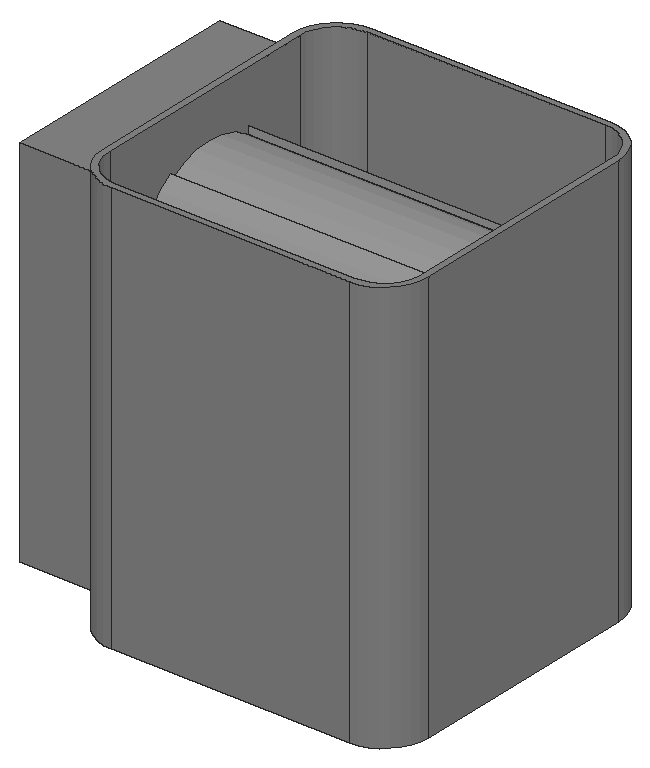
Revit family "VARIO", category Осветительные приборы, Revit 2017
Family settings
  Размер круглого соединителя = Использовать диаметр
  Тип детали = Нормальный
  На основе рабочей плоскости = Нет
  Всегда вертикально = Да
  При загрузке вырезать с полостями = Нет
  Источник света = Да
  Общий = Нет
  Точка расчета площади = Нет
Parameters (values of type "029794 Светильник LGD-WALL-VARIO-S104x129-2x6W Day4000")
  built-in parameter 1150104 = 13.8 (stored number, unit not read)
  built-in parameter 1150134 = 12
  Файл фотометрической сетки = "029794_LGD-WALL-VARIO-S104x129-2x6W Day4000 (GR, 1-80 deg).ies"
  Tilt Angle = 90.00°
  built-in parameter 1150137 = (empty or 0)
  built-in parameter 1150132 = 2
  built-in parameter 1150114 = 1 (stored number, unit not read)
  Dimming Lamp Color Temperature Shift = (empty or 0)
  built-in parameter 1150105 = 59.683 (stored number, unit not read)
  Color Filter = 16777215
  Lumens = 750 lm
  Разработчик (телефон) = "+7 (495) 781-05-35"  # constant formula
  Разработчик (e-mail) = "info@constructor.ru"  # constant formula
  Разработчик (URL) = "https://constructor.ru/"  # constant formula
  Разработчик = "НТЦ Конструктор"  # constant formula
  built-in parameter 1150109 = 1 (stored number, unit not read)
  built-in parameter 1150112 = 1 (stored number, unit not read)
  built-in parameter 1150110 = 1 (stored number, unit not read)
  built-in parameter 1150113 = 1 (stored number, unit not read)
  built-in parameter 1150115 = 1 (stored number, unit not read)
  built-in parameter 1114218 = 1 (stored number, unit not read)
  built-in parameter 1114217 = 1 (stored number, unit not read)
  Apparent Load = ADSK_Номинальная мощность / ADSK_Коэффициент мощности  # 24 VA
  built-in parameter 1150106 = 0.59683 (stored number, unit not read)
  Описание = "Светильник LGD-WALL-VARIO-S104x129-2x6W Day4000 (GR, 1-80 deg) (ARL, IP54 Металл, 3 года)"
  built-in parameter 1150133 = 10 (stored number, unit not read)
  Wattage = 5.04908 W
  built-in parameter 1150139 = (empty or 0)
  Контакты ООО "Арлайт РУС" для получения счёта = "roman@transistor.ru, T +7 495 926 56 50 (доб.1115), моб. +7 (925) 871-32-07"  # constant formula
  Комментарии к типоразмеру = "Арт. 029794"
  built-in parameter 1150138 = (empty or 0)
  built-in parameter 1150107 = 4000 (stored number, unit not read)
  built-in parameter 1150102 = (empty or 0)
  Emit from Rectangle Width = 31 mm
  Emit from Rectangle Length = 100 mm
  Изготовитель = "ARLIGHT"
  Группа модели = "Светильники"  # constant formula
  Видимая форма излучения при визуализации = no
  URL = "https://arlight.ru/search/index.php?q=VARIO"
  ARL_Цвет свечения = "Дневной 4000K"
  ARL_Цвет покрытия = "Темно-серый"
  ARL_Угол обзора = "80°"
  ARL_Тип товара = "Светильник"
  ARL_Способ монтажа = "Накладной"
  ARL_Серия = "VARIO"
  ARL_Рабочая температура окружающей среды = "-40...+40 °C"
  ARL_Обозначение корпуса = "Корпус прямоугольный, алюминий, цвет темно-серый"
  ARL_Область использования = "Категория размещения - 4"
  ARL_Материал корпуса = Металл, темно-серый
  ARL_Класс пылевлагозащиты = "IP54"
  ARL_Класс защиты от поражения электрическим током = "II"
  ARL_Индекс цветопередачи = ">80"
  ARL_Драйвер = "Встроенный"
  ADSK_Ток = ADSK_Номинальная мощность / (ADSK_Коэффициент мощности * ADSK_Напряжение * sqrt(ADSK_Количество фаз числовое))  # 0.109091 A
  ADSK_Размер_Ширина = 104 mm
  ADSK_Размер_Длина = 129 mm
  ADSK_Размер_Высота = 132 mm
  ADSK_Примечание = ""
  ADSK_Полная мощность = ADSK_Номинальная мощность / ADSK_Коэффициент мощности  # 24 VA
  ADSK_Позиция = ""
  ADSK_Номинальная мощность = 12 W
  ADSK_Напряжение = 220 V
  ADSK_Наименование = "Светильник"
  ADSK_Масса_Текст = "1"
  ADSK_Марка = "LGD-WALL-VARIO-S104x129-2x6W Day4000"
  ADSK_Коэффициент мощности = 0.5
  ADSK_Количество фаз числовое = 1
  ADSK_Количество фаз = 1
  ADSK_Код изделия = Комментарии к типоразмеру  # "Арт. 029794"
  ADSK_Классификация нагрузок = Освещение
  ADSK_Завод-изготовитель = Изготовитель  # "ARLIGHT"
  ADSK_Единица измерения = "шт."
Types (5, lengths in mm): name | built-in parameter 1150134 | Файл фотометрической сетки | Описание | Комментарии к типоразмеру | built-in parameter 1150107 | URL | ARL_Цвет свечения | ARL_Цвет покрытия | ARL_Обозначение корпуса | ARL_Область использования | ARL_Материал корпуса | ADSK_Масса_Текст | ADSK_Марка | ADSK_Код изделия
  024391 Светильник LGD-Wall-Vario-J2WH-12W Warm White | (empty or 0) | "024391_LGD-Wall-Vario-J2WH-12W Warm White.ies" | "Уличный светодиодный светильник для стен, изменяемый угол освещения 0°-80°, свет вверх-вниз на 2 стороны. Цвет ТЕПЛЫЙ БЕЛЫЙ 3000К, светодиоды 2x6 Вт CREE (750 лм). Влагозащищенный корпус IP54 - белый алюминий, экран ударопрочный PC. Питание 220 В, мощность 12 Вт. Размеры ВхШхГ -138х104х129 мм" | "Арт. 024391" | 3000 (stored number, unit not read) | "https://arlight.ru/catalog/product/svetilnik-lgd-wall-vario-j2wh-12w-warm-white-024391/" | "Теплый 3000K" | "Белый" | "Корпус прямоугольный, алюминий, цвет темно-коричневый" | "Для ландшафтного освещения придомовых территорий, декоративной подсветки фасадов" | Металл, белый | "1.1" | "LGD-Wall-Vario-J2WH-12W Warm White" | "Арт. 024391"
  022002 Светильник LGD-Wall-Vario-J2R-12W Warm White | (empty or 0) | "022002_LGD-Wall-Vario-J2R-12W Warm White.ies" | "Уличный светодиодный светильник для стен, изменяемый угол освещения 0°-80°, свет вверх-вниз на 2 стороны. Цвет ТЕПЛЫЙ БЕЛЫЙ 3000К, светодиоды 2x6 Вт CREE (750 лм). Влагозащищенный корпус IP54 - терракотовый алюминий, экран ударопрочный PC. Питание 220 В, мощность 12 Вт. Размеры ВхШхГ -138х104х129 мм" | "Арт. 022002" | 3000 (stored number, unit not read) | "https://arlight.ru/catalog/product/svetilnik-lgd-wall-vario-j2r-12w-warm-white-022002/" | "Теплый 3000K" | "Темно-коричневый" | "Корпус прямоугольный, алюминий, цвет темно-коричневый" | "Для ландшафтного освещения придомовых территорий, декоративной подсветки фасадов" | Металл, темно-коричневый | "1.145" | "LGD-Wall-Vario-J2R-12W Warm White" | "Арт. 022002"
  029794 Светильник LGD-WALL-VARIO-S104x129-2x6W Day4000 | 12 | "029794_LGD-WALL-VARIO-S104x129-2x6W Day4000 (GR, 1-80 deg).ies" | "Светильник LGD-WALL-VARIO-S104x129-2x6W Day4000 (GR, 1-80 deg) (ARL, IP54 Металл, 3 года)" | "Арт. 029794" | 4000 (stored number, unit not read) | "https://arlight.ru/search/index.php?q=VARIO" | "Дневной 4000K" | "Темно-серый" | "Корпус прямоугольный, алюминий, цвет темно-серый" | "Категория размещения - 4" | Металл, темно-серый | "1" | "LGD-WALL-VARIO-S104x129-2x6W Day4000" | "Арт. 029794"
  021933 Светильник LGD-Wall-Vario-J2G-12W Warm White | (empty or 0) | "021933_LGD-Wall-Vario-J2G-12W Warm White.ies" | "Уличный светодиодный светильник для стен, изменяемый угол освещения 0°-80°, свет вверх-вниз на 2 стороны. Цвет ТЕПЛЫЙ БЕЛЫЙ 3000К, светодиоды 2x6 Вт CREE (750 лм). Влагозащищенный корпус IP54 - темно-серый алюминий, экран ударопрочный PC. Питание 220 В, мощность 12 Вт. Размеры ВхШхГ -138х104х129 мм" | "Арт. 021933" | 3000 (stored number, unit not read) | "https://arlight.ru/catalog/product/svetilnik-lgd-wall-vario-j2g-12w-warm-white-021933/" | "Теплый 3000K" | "Темно-серый" | "Корпус прямоугольный, алюминий, цвет темно-серый" | "Для ландшафтного освещения придомовых территорий, декоративной подсветки фасадов" | Металл, темно-серый | "1.145" | "LGD-Wall-Vario-J2G-12W Warm White" | "Арт. 021933"
  021932 Светильник LGD-Wall-Vario-J2B-12W Warm White | (empty or 0) | "021932_LGD-Wall-Vario-J2B-12W Warm White.ies" | "Уличный светодиодный светильник для стен, изменяемый угол освещения 0°-80°, свет вверх-вниз на 2 стороны. Цвет ТЕПЛЫЙ БЕЛЫЙ 3000К, светодиоды 2x6 Вт CREE (750 лм). Влагозащищенный корпус IP54 - черный алюминий, экран ударопрочный PC. Питание 220 В, мощность 12 Вт. Размеры ВхШхГ -138х104х129 мм" | "Арт. 021932" | 3000 (stored number, unit not read) | "https://arlight.ru/catalog/product/svetilnik-lgd-wall-vario-j2b-12w-warm-white-021932/" | "Теплый 3000K" | "Черный" | "Корпус прямоугольный, алюминий, цвет черный" | "Для ландшафтного освещения придомовых территорий, декоративной подсветки фасадов" | Металл, чёрный | "1.145" | "LGD-Wall-Vario-J2B-12W Warm White" | "Арт. 021932"
Reference planes
  plane 1 "По центру (Вперед/Назад)": y = 0
  plane 2: z = 0
  plane 3 "По центру (Влево/Вправо)": x = 0
  plane 4: x = -64.5
  plane 5: x = 64.5
  plane 6: y = 52
  plane 7: y = -52
  plane 8: z = -132
Forms (mm)
  Extrusion 1, solid, material "Металл, темно-серый" <- "ARL_Материал корпуса", detail levels medium+fine
    sketch origin (0, 0, 0) x (1, 0, 0) y (0, 1, 0)
      loop
        line (50.5, 52) -> (-25.5, 52)
        arc (-25.5, 52) -> (-35.399, 47.899) -> (-39.5, 38) r 14
        line (-39.5, 38) -> (-39.5, -38)
        arc (-39.5, -38) -> (-35.399, -47.899) -> (-25.5, -52) r 14
        line (-25.5, -52) -> (50.5, -52)
        arc (50.5, -52) -> (60.399, -47.899) -> (64.5, -38) r 14
        line (64.5, -38) -> (64.5, 38)
        arc (64.5, 38) -> (60.399, 47.899) -> (50.5, 52) r 14
      loop
        line (50.5, 50) -> (-25.5, 50)
        arc (-25.5, 50) -> (-33.985, 46.485) -> (-37.5, 38) r 12
        line (-37.5, 38) -> (-37.5, -38)
        arc (-37.5, -38) -> (-33.985, -46.485) -> (-25.5, -50) r 12
        line (-25.5, -50) -> (50.5, -50)
        arc (50.5, -50) -> (58.985, -46.485) -> (62.5, -38) r 12
        line (62.5, -38) -> (62.5, 38)
        arc (62.5, 38) -> (58.985, 46.485) -> (50.5, 50) r 12
    from -132 to 0
  Extrusion 2, solid, material "Металл, темно-серый" <- "ARL_Материал корпуса", detail levels medium+fine
    sketch origin (0, 0, 0) x (1, 0, 0) y (0, 1, 0)
      loop
        line (-64.5, 40) -> (-64.5, -40) -> (-39.5, -40) -> (-39.5, 40) -> (-64.5, 40)
    from -126 to -6
  Extrusion 3, solid, material "Стекло, белое, высокой яркости", detail levels fine
    sketch origin (0, 0, 0) x (0, 1, 0) y (0, 0, 1)
      loop
        circle (0, -38.8) r 26
      loop
        circle (0, -93.2) r 26
    from -35.87 to 60.734
  Extrusion 4, solid, material "Стекло, белое, высокой яркости", detail levels fine
    sketch origin (0, 0, 0) x (0, 1, 0) y (0, 0, 1)
      loop
        arc (-26, -38.8) -> (-23.226, -27.114) -> (-15.495, -17.922) r 26
        line (-15.495, -17.922) -> (-15.495, -15.478)
        arc (-15.495, -15.478) -> (-24.677, -25.569) -> (-28, -38.8) r 28
        arc (-28, -38.8) -> (-22.023, -56.091) -> (-6.645, -66) r 28
        line (-6.645, -66) -> (-6.645, -63.936)
        arc (-6.645, -63.936) -> (-20.601, -54.662) -> (-26, -38.8) r 26
      loop
        arc (26, -38.8) -> (20.601, -54.662) -> (6.645, -63.936) r 26
        line (6.645, -63.936) -> (6.645, -66)
        arc (6.645, -66) -> (22.023, -56.091) -> (28, -38.8) r 28
        arc (28, -38.8) -> (24.677, -25.569) -> (15.495, -15.478) r 28
        line (15.495, -15.478) -> (15.495, -17.922)
        arc (15.495, -17.922) -> (23.226, -27.114) -> (26, -38.8) r 26
    from -35.87 to 60.734
  Extrusion 5, solid, material "Стекло, белое, высокой яркости", detail levels medium
    sketch origin (0, 0, 0) x (0, 1, 0) y (0, 0, 1)
      loop
        arc (28, -38.8) -> (19.799, -19.001) -> (0, -10.8) r 28
        arc (0, -10.8) -> (-19.799, -19.001) -> (-28, -38.8) r 28
        arc (-28, -38.8) -> (-22.023, -56.091) -> (-6.645, -66) r 28
        line (-6.645, -66) -> (-6.645, -63.936)
        arc (-6.645, -63.936) -> (0, -64.8) -> (6.645, -63.936) r 26
        line (6.645, -63.936) -> (6.645, -66)
        arc (6.645, -66) -> (22.023, -56.091) -> (28, -38.8) r 28
    from -35.87 to 60.734
  Extrusion 6, solid, material "Металл, темно-серый" <- "ARL_Материал корпуса", detail levels coarse
    sketch origin (0, 0, 0) x (1, 0, 0) y (0, 1, 0)
      loop
        line (64.5, 52) -> (-39.5, 52) -> (-39.5, -52) -> (64.5, -52) -> (64.5, 52)
      loop
        line (62.5, 50) -> (-37.5, 50) -> (-37.5, -50) -> (62.5, -50) -> (62.5, 50)
    from -132 to 0
  Extrusion 7, solid, material "Стекло, белое, высокой яркости", detail levels medium
    sketch origin (0, 0, 0) x (0, 1, 0) y (0, 0, 1)
      loop
        arc (28, -93.6) -> (22.023, -76.309) -> (6.645, -66.4) r 28
        line (6.645, -66.4) -> (6.645, -68.464)
        arc (6.645, -68.464) -> (0, -67.6) -> (-6.645, -68.464) r 26
        line (-6.645, -68.464) -> (-6.645, -66.4)
        arc (-6.645, -66.4) -> (-22.023, -76.309) -> (-28, -93.6) r 28
        arc (-28, -93.6) -> (-19.799, -113.399) -> (0, -121.6) r 28
        arc (0, -121.6) -> (19.799, -113.399) -> (28, -93.6) r 28
    from -35.87 to 60.734
  Extrusion 8, solid, material "Стекло, белое, высокой яркости", detail levels fine
    sketch origin (0, 0, 0) x (0, 1, 0) y (0, 0, 1)
      loop
        arc (-26, -93.6) -> (-20.601, -77.738) -> (-6.645, -68.464) r 26
        line (-6.645, -68.464) -> (-6.645, -66.4)
        arc (-6.645, -66.4) -> (-22.023, -76.309) -> (-28, -93.6) r 28
        arc (-28, -93.6) -> (-24.677, -106.831) -> (-15.495, -116.922) r 28
        line (-15.495, -116.922) -> (-15.495, -114.478)
        arc (-15.495, -114.478) -> (-23.226, -105.286) -> (-26, -93.6) r 26
      loop
        arc (26, -93.6) -> (23.226, -105.286) -> (15.495, -114.478) r 26
        line (15.495, -114.478) -> (15.495, -116.922)
        arc (15.495, -116.922) -> (24.677, -106.831) -> (28, -93.6) r 28
        arc (28, -93.6) -> (22.023, -76.309) -> (6.645, -66.4) r 28
        line (6.645, -66.4) -> (6.645, -68.464)
        arc (6.645, -68.464) -> (20.601, -77.738) -> (26, -93.6) r 26
    from -35.87 to 60.734
  Extrusion 9, solid, material "Металл, темно-серый" <- "ARL_Материал корпуса", detail levels coarse
    sketch origin (0, 0, 0) x (1, 0, 0) y (0, 1, 0)
      loop
        line (-64.5, 40) -> (-64.5, -40) -> (-39.5, -40) -> (-39.5, 40) -> (-64.5, 40)
    from -126 to -6
Dimensions and locks
  equal spacing: plane 6, plane 1 "По центру (Вперед/Назад)", plane 7
  "ADSK_Размер_Ширина": plane 6 to plane 7
  equal spacing: plane 4, plane 3 "По центру (Влево/Вправо)", plane 5
  "ADSK_Размер_Длина": plane 4 to plane 5
  "ADSK_Размер_Высота": plane 2 to plane 8
  "ADSK_Размер_Ширина": Extrusion 1 sketch curve to plane 5
  aligned and locked: level to plane 2
  aligned and locked: Extrusion 1 to plane 8
  aligned and locked: level to Extrusion 1
Automatic sketch dimensions
  Extrusion 2 sketch curve to plane 4 = 0 mm
  plane 7 to Extrusion 2 sketch curve = 12 mm
  Extrusion 2 sketch curve to Extrusion 2 sketch curve = 25 mm
  Extrusion 2 sketch curve to plane 6 = 12 mm
  Extrusion 3 sketch curve to plane 1 "По центру (Вперед/Назад)" = 0 mm  (x2)
  plane 8 to Extrusion 3 sketch curve = 38.8 mm
  Extrusion 3 sketch curve to level = 38.8 mm
  Extrusion 4 sketch curve to Extrusion 4 sketch curve = 0 mm  (x57)
  Extrusion 4 sketch curve to plane 1 "По центру (Вперед/Назад)" = 0 mm
  plane 1 "По центру (Вперед/Назад)" to Extrusion 4 sketch curve = 6.645 mm
  plane 1 "По центру (Вперед/Назад)" to Extrusion 4 sketch curve = 15.495 mm
  Extrusion 4 sketch curve to plane 1 "По центру (Вперед/Назад)" = 6.645 mm
  Extrusion 4 sketch curve to plane 1 "По центру (Вперед/Назад)" = 15.495 mm
  Extrusion 4 sketch curve to level = 66 mm
  Extrusion 4 sketch curve to Extrusion 4 sketch curve = 2.064 mm  (x2)
  Extrusion 4 sketch curve to Extrusion 4 sketch curve = 25.136 mm
  Extrusion 5 sketch curve to Extrusion 5 sketch curve = 0 mm  (x20)
  Extrusion 5 sketch curve to plane 1 "По центру (Вперед/Назад)" = 0 mm
  plane 1 "По центру (Вперед/Назад)" to Extrusion 5 sketch curve = 6.645 mm
  Extrusion 5 sketch curve to plane 1 "По центру (Вперед/Назад)" = 6.645 mm
  Extrusion 5 sketch curve to level = 66 mm
  Extrusion 5 sketch curve to Extrusion 5 sketch curve = 2.064 mm
  Extrusion 5 sketch curve to Extrusion 5 sketch curve = 25.136 mm
  Extrusion 6 sketch curve to plane 6 = 0 mm
  Extrusion 6 sketch curve to plane 7 = 0 mm
  Extrusion 6 sketch curve to plane 5 = 0 mm
  Extrusion 6 sketch curve to plane 5 = 2 mm
  Extrusion 6 sketch curve to plane 6 = 2 mm
  plane 4 to Extrusion 6 sketch curve = 27 mm
  Extrusion 6 sketch curve to Extrusion 6 sketch curve = 2 mm
  plane 7 to Extrusion 6 sketch curve = 2 mm
  Extrusion 7 sketch curve to Extrusion 7 sketch curve = 0 mm  (x20)
  Extrusion 7 sketch curve to plane 1 "По центру (Вперед/Назад)" = 0 mm
  plane 1 "По центру (Вперед/Назад)" to Extrusion 7 sketch curve = 6.645 mm
  Extrusion 7 sketch curve to plane 1 "По центру (Вперед/Назад)" = 6.645 mm
  plane 8 to Extrusion 7 sketch curve = 38.4 mm
  Extrusion 7 sketch curve to Extrusion 7 sketch curve = 25.136 mm
  Extrusion 7 sketch curve to Extrusion 7 sketch curve = 2.064 mm
  Extrusion 8 sketch curve to Extrusion 8 sketch curve = 0 mm  (x56)
  Extrusion 8 sketch curve to plane 1 "По центру (Вперед/Назад)" = 0 mm
  plane 1 "По центру (Вперед/Назад)" to Extrusion 8 sketch curve = 6.645 mm
  plane 1 "По центру (Вперед/Назад)" to Extrusion 8 sketch curve = 15.495 mm
  Extrusion 8 sketch curve to plane 1 "По центру (Вперед/Назад)" = 6.645 mm
  Extrusion 8 sketch curve to plane 1 "По центру (Вперед/Назад)" = 15.495 mm
  plane 8 to Extrusion 8 sketch curve = 15.078 mm  (x2)
  Extrusion 8 sketch curve to Extrusion 8 sketch curve = 2.443 mm  (x2)
  Extrusion 8 sketch curve to Extrusion 8 sketch curve = 20.878 mm
  Extrusion 9 sketch curve to plane 4 = 0 mm
  plane 7 to Extrusion 9 sketch curve = 12 mm
  Extrusion 9 sketch curve to Extrusion 9 sketch curve = 25 mm
  Extrusion 9 sketch curve to plane 6 = 12 mm
  Extrusion 1 sketch curve to Extrusion 1 sketch curve = 0 mm  (x7)
  Extrusion 1 sketch curve to plane 7 = 0 mm
  Extrusion 1 sketch curve to plane 6 = 0 mm
  Extrusion 1 sketch curve to plane 5 = 0 mm
  Extrusion 1 sketch curve to Extrusion 1 sketch curve = 2 mm
  Extrusion 1 sketch curve to Extrusion 1 sketch curve = 12 mm  (x2)
  Extrusion 1 sketch curve to plane 5 = 14 mm  (x2)
  radius of Extrusion 3 sketch curve = 26 mm  (x2)
Nested families
  nested 1: "УГО" at (0, 0, 0), type "УГО", detail levels coarse
Connectors
  electrical at (-64.5, 0, -66), driven by "ADSK_Количество фаз", driven by "ADSK_Напряжение", driven by "ADSK_Полная мощность", driven by "ADSK_Коэффициент мощности"
    settings: on Extrusion 2, index 1, voltage 220 V, apparent load 24 VA, apparent load phase1 0 VA, apparent load phase2 0 VA, apparent load phase3 0 VA, power factor 0.5, load classification "Освещение", number of poles 1, system type 30, power factor state 1, is connector primary yes, connector utility no, sub classification motor no, connector description ""
Definition of nested family "УГО"
  Reference planes
    plane 1: y = 0
    plane 2: x = 0
  Lines and regions (mm)
    detail lines
      curve 1: circle (0, 0, 0) r 2.462 normal (0, 0, 1)
      curve 2: line (1, 2.25, 0) -> (1, -2.25, 0)
      curve 3: line (-1, 2.25, 0) -> (-1, -2.25, 0)
